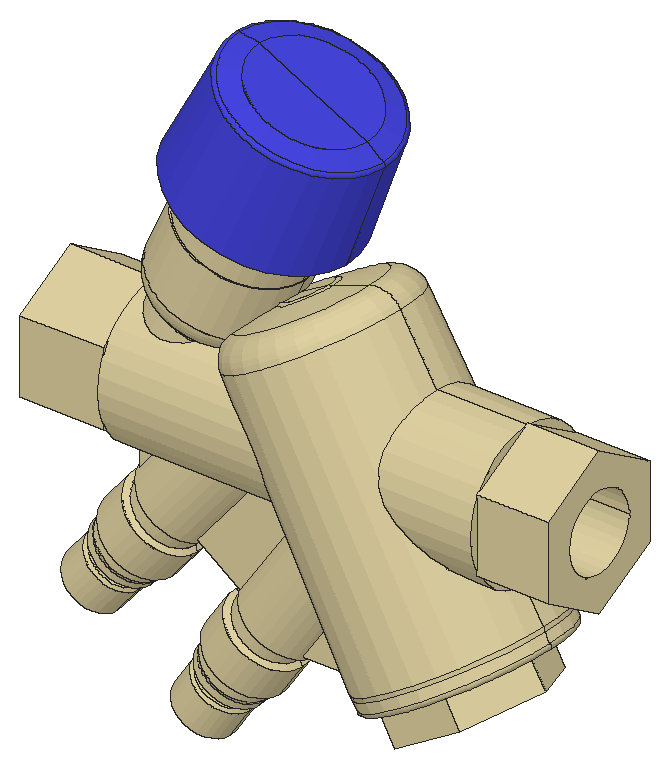
Revit family "DA03640000", category Apparecchi idraulici, Revit 2020
Family settings
  Quota connettore circolare = Usa diametro
  Tipo di parte = Normale
  Numero OmniClass = 23.45.00.00
  Titolo OmniClass = Sanitary, Laundry, and Cleaning Equipment
  Basato su piano di lavoro = No
  Sempre verticale = Sì
  Taglio con vuoti quando caricato = No
  Condiviso = No
  Punto di calcolo locali = No
Parameters
  URL = "https://web.cimberio.com/index.php/figura/1361?subcategoria_id="
  Temperatura di esercizio = "-20 ÷ 120°C"
  Prospetto di default = 0 mm
  Produttore = "CIMBERIO SPA"
  Pressione nominale = "PN 25"
  Modello = "Cim 795"
  Materiale = "Prodotto in lega di ottone “CR” – “DZR” conforme alla norma EN 12165-CW602N-M."
  Descrizione = "Utilizzato nei più svariati settori dell'impiantistica: impianti di riscaldamento, condizionamento, idrici, igienico-sanitari e in generale con ogni fluido non corrosivo"
  DN Model [instance] = DA03641300 : DA03641300
  DN [instance] = 15 mm
  Commenti sul tipo = "Realizzato in ottemperanza ai requisiti gestionali della norma EN ISO 9001.\r\nCollaudato al 100% secondo la normativa EN 12266-1"
Reference planes
  plane 1 "Centro (Fronte/Retro)": y = 0
  plane 2: z = 0
  plane 3 "Centro (Sinistra/Destra)": x = 0
Dimensions and locks
  aligned and locked: level to plane 2
Nested families
  nested 1: "DA03641300" at (0, 0, 0), type <- "DN Model", type "DA03641300"
  nested 2: "DA03641300" at (0, 0, 0), type <- "DN Model", type "DA03641300"
  nested 3: "DA03641300" at (0, 0, 0), type <- "DN Model", type "DA03641300"
Connectors
  piping at (52.5, 0, 0), diameter 15, driven by "DN"
    settings: on nested 1, index 1, connector inside diameter 609.6 mm, connector length 0 mm, flow factor 0, pipe flow 0.0 L/s, pressure drop 0.0 Pa, fitting loss kfactor 0, connector angle 0.00°, fixture units 0, engagement length 0 mm, angle of deflection 0.00°, flow configuration 0, flow direction 0, fitting loss method 0, system type 7, joint type 0, gender type 0, connector reference index -1, connector utility 0, adjustable connector no, is connector primary yes, connector description ""
  piping at (-52.5, 0, 0), diameter 15, driven by "DN"
    settings: on nested 1, index 2, connector inside diameter 609.6 mm, connector length 0 mm, flow factor 0, pipe flow 0.0 L/s, pressure drop 0.0 Pa, fitting loss kfactor 0, connector angle 0.00°, fixture units 0, engagement length 0 mm, angle of deflection 0.00°, flow configuration 0, flow direction 0, fitting loss method 0, system type 7, joint type 0, gender type 0, connector reference index -1, connector utility 0, adjustable connector no, is connector primary no, connector description ""
Definition of nested family "DA03641300"
  Parameters (values of type "DA03641300")
    URL = ""
    Temperatura di esercizio = ""
    Default Elevation = 0 mm
    Manufacturer = ""
    Pressione nominale = ""
    Model = ""
    Materiale = ""
    Description = ""
    Type Comments = ""
  Reference planes
    plane 1 "Centro (Fronte/Retro)": y = 0
    plane 2: z = 0
    plane 3 "Centro (Sinistra/Destra)": x = 0
  Forms (mm)
    Revolve 1, solid
      sketch origin (0, 0, 0) x (1, 0, 0) y (0, 0, 1)
        loop
          line (38.288, 14.107) -> (-35.867, 14.107) -> (-35.867, 7.5) -> (38.288, 7.5) -> (38.288, 14.107)
        axis (-35.867, 0) -> (38.288, 0)
      angle from 0 to 360
    Extrusion 2, solid
      sketch origin (0, 0, 0) x (0, 1, 0) y (0, 0, 1)
        loop
          circle (0, 0) r 7.5
        loop
          line (0, 14.5) -> (-12.557, 7.25) -> (-12.557, -7.25) -> (0, -14.5) -> (12.557, -7.25) -> (12.557, 7.25) -> (0, 14.5)
      from -52.5 to -35.867
    Extrusion 3, solid
      sketch origin (0, 0, 0) x (0, 1, 0) y (0, 0, -1)
        loop
          circle (0, 0) r 7.5
        loop
          line (0, -14.5) -> (12.557, -7.25) -> (12.557, 7.25) -> (0, 14.5) -> (-12.557, 7.25) -> (-12.557, -7.25) -> (0, -14.5)
      from -52.5 to -38.288
    Revolve 4, solid
      sketch origin (0, 0, 0) x (1, 0, 0) y (0, 0, 1)
        loop
          line (-24.418, 32.743) -> (-29.118, 34.934) -> (-34.237, 23.956)
          arc (-34.237, 23.956) -> (-34.661, 21.115) -> (-33.47, 18.502) r 5.056
          arc (-33.47, 18.502) -> (-33.162, 17.776) -> (-33.339, 17.008) r 1.276
          line (-33.339, 17.008) -> (-36.147, 12.336) -> (-34.774, 11.511) -> (-24.418, 32.743)
        axis (-17.562, 29.546) -> (-27.544, 8.139)
      angle from 0 to 360
    Revolve 5, solid
      sketch origin (0, 0, 0) x (1, 0, 0) y (0, 0, 1)
        loop
          line (-25.616, 41.852) -> (-28.891, 34.829) -> (-24.359, 32.715) -> (-19.7, 42.708) -> (-23.982, 44.705) -> (-25.047, 42.421) -> (-25.616, 41.852)
        axis (-17.562, 29.546) -> (-12.903, 39.538)
      angle from 0 to 360
    Revolve 6, solid
      sketch origin (0, 0, 0) x (1, 0, 0) y (0, 0, 1)
        loop
          arc (-18.811, 64.065) -> (-19.322, 63.994) -> (-19.696, 63.64) r 0.847
          line (-19.696, 63.64) -> (-29.977, 45.045) -> (-25.446, 42.932) -> (-23.923, 45.687) -> (-12.516, 40.367) -> (-4.123, 58.366) -> (-14.897, 63.391) -> (-18.811, 64.065)
        axis (-13.843, 37.521) -> (-4.123, 58.366)
      angle from 0 to 360
    Revolve 7, solid
      sketch origin (0, 0, 0) x (1, 0, 0) y (0, 0, 1)
        loop
          line (27.051, -33.414) -> (42.431, -24.534)
          arc (42.431, -24.534) -> (42.897, -23.927) -> (42.798, -23.167) r 1.002
          line (42.798, -23.167) -> (41.801, -21.433) -> (41.554, -20.623) -> (13.078, 25.81)
          arc (13.078, 25.81) -> (10.441, 27.964) -> (7.038, 28.009) r 5.165
          line (7.038, 28.009) -> (-0.356, 25.318)
          arc (-0.356, 25.318) -> (-0.762, 25.209) -> (-1.179, 25.172) r 2.406
          line (-1.179, 25.172) -> (-5.418, 22.823) -> (27.051, -33.414)
        axis (27.051, -33.414) -> (-5.418, 22.823)
      angle from 0 to 360
    Revolve 8, solid
      sketch origin (0, 0, 0) x (1, 0, 0) y (0, 0, 1)
        loop
          line (-36.872, -17.311) -> (-30.491, -22.665) -> (-15.825, -5.187) -> (-22.205, 0.167) -> (-36.872, -17.311)
        axis (-30.491, -22.665) -> (-15.825, -5.187)
      angle from 0 to 360
    Revolve 9, solid
      sketch origin (18.638, 0, -11.232) x (0.996108, 0, 0.088136) y (-0.088136, 0, 0.996108)
        loop
          line (-36.872, -17.311) -> (-30.491, -22.665) -> (-15.825, -5.187) -> (-22.205, 0.167) -> (-36.872, -17.311)
        axis (-30.491, -22.665) -> (-15.825, -5.187)
      angle from 0 to 360
    Revolve 10, solid
      sketch origin (0, 0, 0) x (1, 0, 0) y (0, 0, 1)
        loop
          line (-44.953, -33.375) -> (-45.709, -33.577) -> (-45.425, -34.355) -> (-46.237, -34.138) -> (-46.237, -34.939) -> (-42.936, -37.709) -> (-30.387, -22.753) -> (-35.573, -18.401) -> (-36.392, -19.019) -> (-38.32, -21.317) -> (-39.555, -21.104) -> (-44.533, -27.037) -> (-44.105, -28.212) -> (-45.542, -29.924) -> (-45.845, -30.674) -> (-46.806, -31.82) -> (-44.953, -33.375)
        axis (-42.936, -37.709) -> (-30.387, -22.753)
      angle from 0 to 360
    Revolve 11, solid
      sketch origin (17.862, 0, -10.773) x (0.995949, 0, 0.089915) y (-0.089915, 0, 0.995949)
        loop
          line (-44.953, -33.375) -> (-45.709, -33.577) -> (-45.425, -34.355) -> (-46.237, -34.138) -> (-46.237, -34.939) -> (-42.936, -37.709) -> (-30.387, -22.753) -> (-35.573, -18.401) -> (-36.392, -19.019) -> (-38.32, -21.317) -> (-39.555, -21.104) -> (-44.533, -27.037) -> (-44.105, -28.212) -> (-45.542, -29.924) -> (-45.845, -30.674) -> (-46.806, -31.82) -> (-44.953, -33.375)
        axis (-42.936, -37.709) -> (-30.387, -22.753)
      angle from 0 to 360
    Revolve 12, solid
      sketch origin (0, 0, 0) x (1, 0, 0) y (0, 0, 1)
        loop
          line (-47.137, -34.154) -> (-47.946, -34.371) -> (-52.338, -39.579) -> (-52.187, -40.357) -> (-48.021, -43.852) -> (-42.889, -37.736) -> (-47.137, -34.154)
        axis (-48.021, -43.852) -> (-42.881, -37.726)
      angle from 0 to 360
    Revolve 13, solid
      sketch origin (17.224, 0, -10.145) x (0.994522, 0, 0.104528) y (-0.104528, 0, 0.994522)
        loop
          line (-47.137, -34.154) -> (-47.946, -34.371) -> (-52.338, -39.579) -> (-52.187, -40.357) -> (-48.021, -43.852) -> (-42.889, -37.736) -> (-47.137, -34.154)
        axis (-48.021, -43.852) -> (-42.881, -37.726)
      angle from 0 to 360
    Extrusion 14, solid
      sketch origin (0, 0, 0) x (1, 0, 0) y (0, 0, 1)
        loop
          line (11.68, -39.936) -> (11.68, -5.6) -> (-35.5, -5.6) -> (-35.5, -18.468) -> (-4.84, -39.936) -> (11.68, -39.936)
      from -4.049 to 4
    Extrusion 15, solid
      sketch origin (27.051, 0, -33.414) x (0, 1, 0) y (0.866025, 0, 0.5)
        loop
          line (-0.602, -15.909) -> (12.388, -8.409) -> (12.388, 6.591) -> (-0.602, 14.091) -> (-13.593, 6.591) -> (-13.593, -8.409) -> (-0.602, -15.909)
      from 0 to 6.081
  Dimensions and locks
    aligned and locked: level to plane 2
